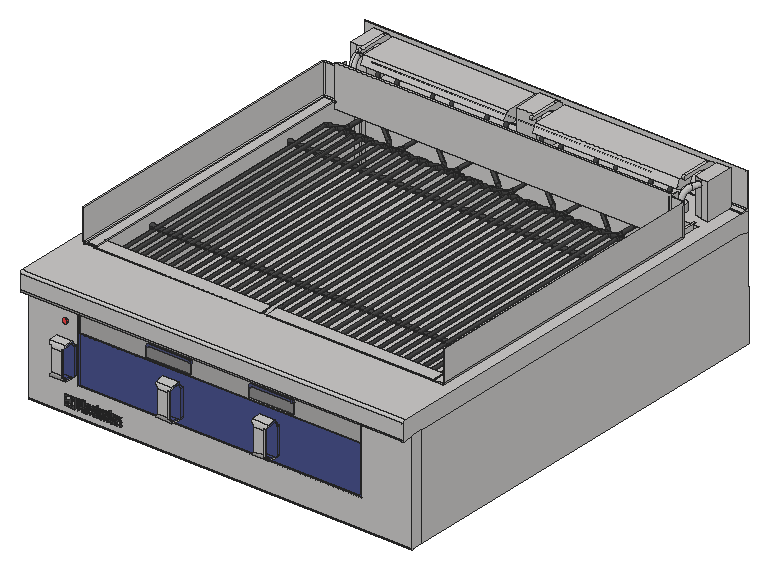
Revit family "QF_ELECTROLUXPROFESSIONAL_589287_MCDEABHOIO", category Specialty Equipment, Revit 2018 (continued)
Definition of nested family "GC_900_800_Front_Panel"
  Dimensions and locks
    plane 5 to plane 4 = 800 mm
    plane 5 to nested 1 = 722 mm
    aligned and locked: cut or joined group of Extrusion 1, Extrusion 2 to plane 4
    aligned and locked: plane 5 to cut or joined group of Extrusion 1, Extrusion 2
    aligned and locked: plane 3 "Center (Left/Right)" to nested 2
    aligned and locked: cut or joined group of Extrusion 1, Extrusion 2 to nested 2
  Automatic sketch dimensions
    plane 4 to curve 11 = 61.666 mm
    curve 11 to curve 15 = 5.669 mm
    curve 15 to curve 15 = 20.878 mm
    curve 15 to curve 13 = 5.669 mm
    curve 6 to plane 3 "Center (Left/Right)" = 116.334 mm
    curve 6 to curve 10 = 5.669 mm
    curve 10 to curve 10 = 20.878 mm
    curve 10 to curve 8 = 5.669 mm
    plane 3 "Center (Left/Right)" to curve 1 = 84.845 mm
    curve 2 to curve 5 = 5.669 mm
    curve 2 to curve 5 = 20.878 mm
    curve 5 to curve 3 = 5.669 mm
    plane 1 "Center (Front/Back)" to curve 10 = 49.267 mm
    plane 1 "Center (Front/Back)" to curve 5 = 49.267 mm
    plane 1 "Center (Front/Back)" to curve 15 = 49.267 mm
    curve 7 to curve 6 = 1.405 mm
    curve 10 to curve 8 = 1.405 mm
    curve 12 to curve 11 = 1.405 mm
    curve 5 to curve 3 = 1.405 mm
    curve 15 to curve 13 = 1.405 mm
    curve 5 to curve 1 = 1.405 mm
    curve 15 to curve 12 = 4.17 mm
    plane 1 "Center (Front/Back)" to curve 14 = 6.436 mm
    curve 12 to curve 14 = 12.538 mm
    plane 1 "Center (Front/Back)" to curve 7 = 6.436 mm
    curve 6 to curve 7 = 9.839 mm
    curve 9 to curve 9 = 4.17 mm
    curve 2 to curve 2 = 4.17 mm
    plane 1 "Center (Front/Back)" to curve 4 = 6.436 mm
    curve 2 to curve 4 = 12.538 mm
    curve 9 to curve 9 = 0.302 mm
    curve 12 to curve 15 = 0.302 mm
    curve 2 to curve 2 = 0.302 mm
    Extrusion 1 sketch curve to plane 1 "Center (Front/Back)" = 0 mm
    plane 1 "Center (Front/Back)" to Extrusion 1 sketch curve = 22 mm
    Extrusion 1 sketch curve to Extrusion 1 sketch curve = 3 mm
    level to Extrusion 1 sketch curve = 650 mm
    Extrusion 1 sketch curve to Extrusion 1 sketch curve = 210 mm
    plane 4 to Extrusion 2 sketch curve = 103 mm
    Extrusion 2 sketch curve to plane 5 = 103 mm
    level to Extrusion 2 sketch curve = 711.866 mm
    Extrusion 2 sketch curve to Extrusion 2 sketch curve = 142 mm
    plane 4 to Extrusion 3 sketch curve = 78 mm
    level to Extrusion 3 sketch curve = 825.517 mm
    curve 8 to curve 8 = 1.887 mm
    curve 12 to curve 11 = 1.887 mm
    curve 3 to curve 3 = 1.887 mm
    curve 13 to curve 13 = 1.887 mm
    curve 7 to curve 6 = 1.887 mm
    curve 1 to curve 1 = 1.887 mm
    radius of Extrusion 3 sketch curve = 5 mm
  Nested families
    nested 1: "Range Control Handle" at (-174.376, -28.137, -209.113) x (-1, 0, 0) z (0, 0, 1), type "Range Control Handle"
    nested 2: "glass conrol panel2" at (147.624, 280.644, 2.752), type "glass conrol panel2"
    nested 3: "Range Control Handle" at (47.624, -28.137, -209.113) x (-1, 0, 0) z (0, 0, 1), type "Range Control Handle"
    nested 4: "Range Control Handle" at (248.804, -28.137, -209.113) x (-1, 0, 0) z (0, 0, 1), type "Range Control Handle"
  Definition of nested family "Range Control Handle"
    Reference planes
      plane 1 "Center (Front/Back)": y = 0
      plane 2: z = 0
      plane 3 "Center (Left/Right)": x = 0
      plane 4: z = 971.092
    Forms (mm)
      Extrusion 1, solid
        sketch origin (-746.28, 380.497, 208.931) x (-1, 0, 0) y (0, 0, 1)
          loop
            line (-770.101, 786.798) -> (-770.101, 731.649)
            arc (-770.101, 731.649) -> (-769.759, 730.563) -> (-768.855, 729.87) r 1.893
            line (-768.855, 729.87) -> (-763.474, 727.911) -> (-729.81, 727.911) -> (-724.428, 729.87)
            arc (-724.428, 729.87) -> (-723.525, 730.563) -> (-723.183, 731.649) r 1.893
            line (-723.183, 731.649) -> (-723.183, 786.798)
            arc (-723.183, 786.798) -> (-723.529, 787.894) -> (-724.44, 788.593) r 1.91
            line (-724.44, 788.593) -> (-729.683, 790.819) -> (-763.601, 790.819) -> (-768.844, 788.593)
            arc (-768.844, 788.593) -> (-769.755, 787.894) -> (-770.101, 786.798) r 1.91
        from -382.35 to -378.852
      Sweep 2, solid
        path origin (-746.788, 380.496, 208.091) x (0, -1, 0) y (0, 0, 1)
          loop
            line (379.775, 793.281) -> (395.661, 791.048)
            arc (395.661, 791.048) -> (397.781, 787.377) -> (398.517, 783.202) r 12.207
            line (398.517, 783.202) -> (398.517, 737.368)
            arc (398.517, 737.368) -> (397.781, 733.193) -> (395.661, 729.522) r 12.207
            line (395.661, 729.522) -> (379.775, 727.289)
        profile origin (-746.788, -7.222, 1000.256) x (0, -0.139173, 0.990268) y (-1, 0, 0)
          loop
            line (0.782, -763.123) -> (0.782, -730.907) -> (-1.322, -730.907) -> (-1.322, -763.123) -> (0.782, -763.123)
      Sweep 3, solid
        path origin (-746.788, 380.715, 207.832) x (0, -1, 0) y (0, 0, 1)
          loop
            line (380.478, 795.442) -> (397.218, 793.09)
            arc (397.218, 793.09) -> (399.929, 788.473) -> (400.871, 783.202) r 15.207
            line (400.871, 783.202) -> (400.871, 737.584)
            arc (400.871, 737.584) -> (399.914, 732.274) -> (397.164, 727.633) r 15.207
            line (397.164, 727.633) -> (380.601, 725.305)
        profile origin (-746.788, -8.132, 1002.099) x (0, -0.139173, 0.990268) y (-1, 0, 0)
          loop
            line (0.782, -763.123) -> (0.782, -730.907) -> (-1.322, -730.907) -> (-1.322, -763.123) -> (0.782, -763.123)
      Extrusion 4, void
        sketch origin (889.253, 220.666, 207.993) x (1, 0, 0) y (0, 0, 1)
          loop
            line (-943.038, 816.854) -> (-943.038, 703.686) -> (-899.466, 734.196) -> (-899.466, 786.344) -> (-943.038, 816.854)
        from 230.636 to 242.25
      Extrusion 5, void
        sketch origin (-888.8, 220.666, 207.993) x (-1, 0, 0) y (0, 0, -1)
          loop
            line (-943.038, -816.854) -> (-899.466, -786.344) -> (-899.466, -734.196) -> (-943.038, -703.686) -> (-943.038, -816.854)
        from 230.636 to 242.25
      Extrusion 6, solid
        sketch origin (0, 0, 0) x (1, 0, 0) y (0, 0, 1)
          loop
            circle (0, 971.092) r 7.736
        from -3.137 to -1.645
    Cuts and joins
      Extrusion 4, Extrusion 5 cuts Sweep 3
      Extrusion 4, Extrusion 5 cuts Sweep 2
      joined: Extrusion 1, Extrusion 6
    Lines and regions (mm)
      symbolic lines
        curve 1: line (23.821, 1.645, 0) -> (-23.097, 1.645, 0)
        curve 2: line (16.334, -1.853, 0) -> (23.821, -1.853, 0)
        curve 3: line (-15.881, -19.189, 0) -> (-15.881, -1.853, 0)
        curve 4: line (-23.097, -1.853, 0) -> (-15.881, -1.853, 0)
        curve 5: line (16.334, -19.189, 0) -> (16.334, -1.853, 0)
        curve 6: spline (-15.881, -19.189, 0) -> (-15.417, -19.349, 0) -> (-14.951, -19.501, 0) -> (-14.483, -19.646, 0) -> (-14.014, -19.783, 0) -> (-13.543, -19.912, 0) -> (-13.071, -20.033, 0) -> (-12.597, -20.146, 0) -> (-12.122, -20.251, 0) -> (-11.646, -20.349, 0) -> (-11.169, -20.438, 0) -> (-10.691, -20.52, 0) -> (-10.213, -20.593, 0)
        curve 7: spline (10.666, -20.593, 0) -> (11.144, -20.52, 0) -> (11.622, -20.438, 0) -> (12.099, -20.349, 0) -> (12.575, -20.251, 0) -> (13.05, -20.146, 0) -> (13.524, -20.033, 0) -> (13.996, -19.912, 0) -> (14.467, -19.783, 0) -> (14.936, -19.646, 0) -> (15.404, -19.501, 0) -> (15.87, -19.349, 0) -> (16.334, -19.189, 0)
        curve 8: line (-10.213, -20.938, 0) -> (10.716, -20.938, 0)
        curve 9: line (-23.097, 1.645, 0) -> (-23.097, -1.853, 0)
        curve 10: line (23.821, 1.645, 0) -> (23.821, -1.853, 0)
  Definition of nested family "glass conrol panel2"
    Reference planes
      plane 1 "Center (Front/Back)": y = 0
      plane 2: z = 0
      plane 3 "Center (Left/Right)": x = 0
    Forms (mm)
      Extrusion 1, solid
        sketch origin (378.286, 0, 0.617) x (1, 0, 0) y (0, 0, 1)
          loop
            line (-675.286, 806.791) -> (-675.286, 708.497) -> (-81.286, 708.497) -> (-81.286, 806.791) -> (-675.286, 806.791)
        from 300.031 to 304.8
      Extrusion 2, solid
        sketch origin (378.286, 0, 0.617) x (1, 0, 0) y (0, 0, 1)
          loop
            line (-675.286, 850.497) -> (-675.286, 806.791) -> (-81.286, 806.791) -> (-81.286, 850.497) -> (-675.286, 850.497)
        from 300.031 to 304.8
      Extrusion 3, void
        sketch origin (378.286, 0, 0.617) x (1, 0, 0) y (0, 0, 1)
          loop
            line (-672.628, 847.565) -> (-672.628, 710.699) -> (-84.196, 710.699) -> (-84.196, 847.565) -> (-672.628, 847.565)
        from 303.697 to 304.8
      Extrusion 4, solid
        sketch origin (-415.186, 1.101, -0.633) x (-1, 0, 0) y (0, 0, -1)
          loop
            line (-261.431, -812.62) -> (-355.186, -812.62) -> (-355.186, -834.177) -> (-350.269, -834.177) -> (-348.469, -835.977) -> (-268.039, -835.977) -> (-266.24, -834.177) -> (-261.431, -834.177) -> (-261.431, -812.62)
        from 304.798 to 306.745
      Extrusion 5, solid
        sketch origin (-415.186, 1.101, -0.633) x (-1, 0, 0) y (0, 0, -1)
          loop
            line (-350.269, -834.177) -> (-355.078, -834.177)
            arc (-355.078, -834.177) -> (-353.942, -838.747) -> (-349.686, -840.763) r 5.5
            line (-349.686, -840.763) -> (-266.98, -840.763)
            arc (-266.98, -840.763) -> (-262.706, -838.752) -> (-261.529, -834.177) r 5.549
            line (-261.529, -834.177) -> (-266.24, -834.177) -> (-268.039, -835.977) -> (-348.469, -835.977) -> (-350.269, -834.177)
        from 304.798 to 306.745
      Extrusion 6, solid
        sketch origin (-201.431, 1.101, -0.633) x (-1, 0, 0) y (0, 0, -1)
          loop
            line (-261.431, -812.62) -> (-355.186, -812.62) -> (-355.186, -834.177) -> (-350.269, -834.177) -> (-348.469, -835.977) -> (-268.039, -835.977) -> (-266.24, -834.177) -> (-261.431, -834.177) -> (-261.431, -812.62)
        from 304.798 to 306.745
      Extrusion 7, solid
        sketch origin (-201.431, 1.101, -0.633) x (-1, 0, 0) y (0, 0, -1)
          loop
            line (-350.269, -834.177) -> (-355.078, -834.177)
            arc (-355.078, -834.177) -> (-353.942, -838.747) -> (-349.686, -840.763) r 5.5
            line (-349.686, -840.763) -> (-266.98, -840.763)
            arc (-266.98, -840.763) -> (-262.706, -838.752) -> (-261.529, -834.177) r 5.549
            line (-261.529, -834.177) -> (-266.24, -834.177) -> (-268.039, -835.977) -> (-348.469, -835.977) -> (-350.269, -834.177)
        from 304.798 to 306.745
    Cuts and joins
      Extrusion 3 cuts Extrusion 1
      Extrusion 3 cuts Extrusion 2
    Dimensions and locks
      aligned and locked: Extrusion 1 to Extrusion 2
      aligned and locked: Extrusion 5 sketch curve to Extrusion 4  (x5)
      aligned and locked: Extrusion 5 to Extrusion 4
      aligned and locked: Extrusion 7 sketch curve to Extrusion 6  (x5)
      aligned and locked: Extrusion 7 to Extrusion 6
Types (2, lengths in mm): name | URL | Phase | Model | Manufacturer | Description | Cold Water Size
  (no name) | 0 | 0 | 0 | 0 | 0 | 0"
  Standard | "http://professional.electrolux.com" | 3 | "MCDEABHOIO" | "Electrolux Professional" | "ELECTRIC CHARGRILL, 1 SIDE, BACKSPLASH, 800X900X250H" | 1/2"
